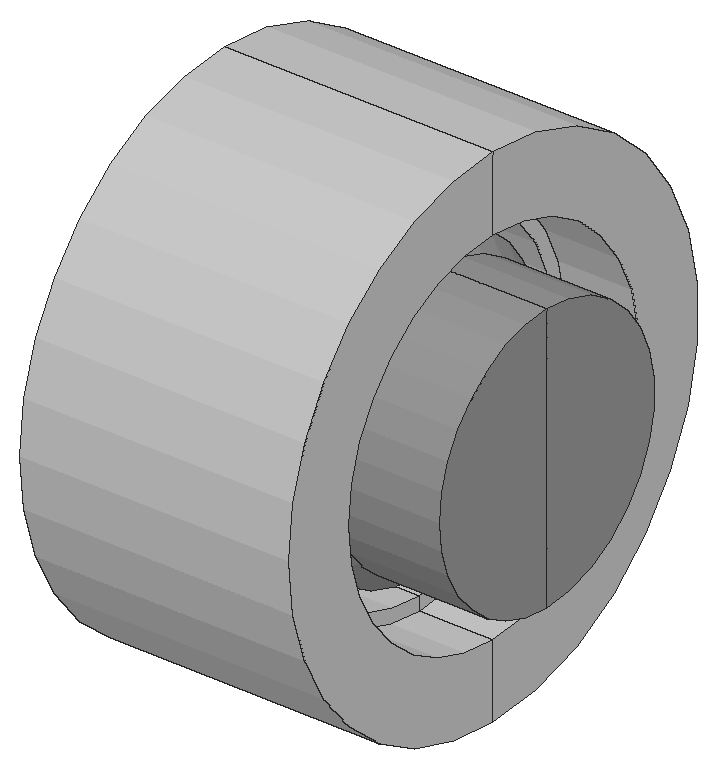
Revit family "6198_Kunststoffrohranschlüsse G 1 für PE-X, PB- & Alu-Verbundrohre", category Rohrformteile, Revit 2021
Family settings
  Bemaßung runder Anschluss = Durchmesser verwenden
  Teiletyp = Verbindung
  OmniClass-Nummer = 23.65.55.14
  OmniClass-Titel = Valves for Liquid Services
  Arbeitsebenenbasiert = Nein
  Immer vertikal = Ja
  Beim Laden mit Abzugskörper schneiden = Nein
  Gemeinsam genutzt = Nein
Parameters (values of type "26x3.0")
  Vorgabe-Ansicht = 0.000 mm
  URL = "www.herz-armaturen.at"
  Tülle = "CW617N"  # constant formula
  TL04 [instance] = if([16x2.0], 18.100 mm, if([20x2.0], 18.100 mm, if([25x3.5], 18.100 mm, if([26x3.0], 18.100 mm, 0.000 mm))))  # 18.100 mm
  TL03 [instance] = if([16x2.0], 1.000 mm, if([20x2.0], 1.000 mm, if([25x3.5], 0.800 mm, if([26x3.0], 0.800 mm, 0.000 mm))))  # 0.800 mm
  TL02 [instance] = if([16x2.0], 8.000 mm, if([20x2.0], 8.000 mm, if([25x3.5], 7.000 mm, if([26x3.0], 7.000 mm, 0.000 mm))))  # 7.000 mm
  TL01 [instance] = if([16x2.0], 5.400 mm, if([20x2.0], 5.400 mm, if([25x3.5], 5.400 mm, if([26x3.0], 5.400 mm, 0.000 mm))))  # 5.400 mm
  TL00 [instance] = if([16x2.0], 24.000 mm, if([20x2.0], 24.000 mm, if([25x3.5], 24.000 mm, if([26x3.0], 24.000 mm, 0.000 mm))))  # 24.000 mm
  TD04 [instance] = if([16x2.0], 5.950 mm, if([20x2.0], 7.950 mm, if([25x3.5], 8.950 mm, if([26x3.0], 9.950 mm, 0.000 mm))))  # 9.950 mm
  TD02 [instance] = if([16x2.0], 8.150 mm, if([20x2.0], 10.150 mm, if([25x3.5], 11.150 mm, if([26x3.0], 11.150 mm, 0.000 mm))))  # 11.150 mm
  TD01 [instance] = if([16x2.0], 12.800 mm, if([20x2.0], 12.800 mm, if([25x3.5], 12.800 mm, if([26x3.0], 12.800 mm, 0.000 mm))))  # 12.800 mm
  TD00 = 12.000 mm  # constant formula
  SCRNSEQ = "AWI;AWI_TYP=\"1001\";2"
  SCRNCODE = "07;01;02"  # constant formula
  S02 = 5.000 mm  # constant formula
  S01 = 5.000 mm  # constant formula
  O-Ring = "EPDM"  # constant formula
  Nennweite_Press [instance] = if([16x2.0], 16.000 mm, if([20x2.0], 20.000 mm, if([25x3.5], 25.000 mm, if([26x3.0], 26.000 mm, 0.000 mm))))  # 26.000 mm
  Nennweite = 25.000 mm  # constant formula
  Mutter = "CW617N, G 1"  # constant formula
  Medium = "Heizungswasser nach ÖNORM H5195 oder VDI- Richtlinie 2035.\r\nDie Verwendung von Ethylen- oder Propyleneglykol in einem Mischungsverhältnis 25-50% ist zulässig."
  Max. Betriebstemperatur = 95 °C  # constant formula
  Max. Betriebsdruck = 1000000.0 Pa  # constant formula
  ML02 [instance] = if([16x2.0], 13.300 mm, if([20x2.0], 13.300 mm, if([25x3.5], 13.300 mm, if([26x3.0], 14.500 mm, 0.000 mm))))  # 14.500 mm
  ML01 [instance] = TL02 + KL01  # 14.500 mm
  ML00 [instance] = if([16x2.0], 20.000 mm, if([20x2.0], 20.000 mm, if([25x3.5], 20.000 mm, if([26x3.0], 20.000 mm, 0.000 mm))))  # 20.000 mm
  MD02 [instance] = if([16x2.0], 8.500 mm, if([20x2.0], 10.500 mm, if([25x3.5], 13.300 mm, if([26x3.0], 13.500 mm, 0.000 mm))))  # 13.500 mm
  MD01 = 12.500 mm  # constant formula
  MD00 [instance] = if([16x2.0], 19.000 mm, if([20x2.0], 19.000 mm, if([25x3.5], 19.000 mm, if([26x3.0], 19.000 mm, 0.000 mm))))  # 19.000 mm
  Klemmring = "CW617N"  # constant formula
  KL02 [instance] = (KL00 - KL01) / 2  # 2.250 mm
  KL01 [instance] = if([16x2.0], 6.500 mm, if([20x2.0], 6.500 mm, if([25x3.5], 6.000 mm, if([26x3.0], 7.500 mm, 0.000 mm))))  # 7.500 mm
  KL00 [instance] = if([16x2.0], 10.000 mm, if([20x2.0], 10.000 mm, if([25x3.5], 10.500 mm, if([26x3.0], 12.000 mm, 0.000 mm))))  # 12.000 mm
  KH00 [instance] = if([16x2.0], 2.075 mm, if([20x2.0], 1.575 mm, if([25x3.5], 2.325 mm, if([26x3.0], 1.825 mm, 0.000 mm))))  # 1.825 mm
  Hinweiß zum Werkstoff = "Gemäß Art 33 der REACH-Verordnung (EG Nr. 1907/2006) sind wir verpflichtet, darauf hinzuweisen, dass der Stoff Blei auf der SVHC-Liste geführt wird und dass alle aus Messing bestehenden Bauteile, die in unseren Erzeugnissen verarbeitet sind, mehr als 0,1 % (w/w) Blei (CAS: 7439-92-1 / EINECS: 231-100-4) enthalten.\r\nDa Blei als Legierungsbestandteil fest gebunden ist, sind keine Expositionen zu erwarten und daher sind keine zusätzlichen Angaben zur sicheren Verwendung notwendig."
  Hersteller = "HERZ Armaturen Ges.m.b.H."  # constant formula
  Bestellnummer = if([16x2.0], 1619811, if([20x2.0], 1619812, if([25x3.5], 1619800, if([26x3.0], 1619801, 0))))  # 1619801
  Ausführung = "6198 G 1 - 16, 20, 25 und 26mm:\r\nKunststoffrohranschluss mit Doppel-O-Ring, bestehend aus Schlauchtülle mit Konus, Schlauchklemmring und Überwurfmutter G 1 mit Konus."
  Anwendungsgebiet = "Die Kunststoffrohranschlüsse sind geeignet für Heizungsinstallationen der Anwendungsklassen 1,2, 4 und 5, gemäß ISO 10508, für Rohre aus PE-X (EN ISO 15875) und PE-RT (EN ISO 22391), sowie für Kunststoff-Metall-Verbundrohre (EN ISO 21003).\r\nDie Vorgaben der Rohrhersteller bezüglich Druck und Temperatur sind zu beachten.\r\nDer Kunststoffrohranschluss stellt eine absolut sichere Verbindung zwischen Rohr und Ventilgehäuse dar.\r\nDiese Verbindung kann bei Bedarf jederzeit gelöst werden.\r\nEine einwandfreie Dichtheit ist auf Dauer nur dann gegeben, wenn die Montage ordnungsgemäß nach HERZ-Montageanleitung durchgeführt wurde."
  26x3.0 = yes
  25x3.5 = no
  20x2.0 = no
  16x2.0 = no
Types (5, lengths in mm): name | TL03 | TL02 | TD04 | TD02 | Nennweite_Press | ML02 | ML01 | MD02 | KL02 | KL01 | KL00 | KH00 | Bestellnummer | 26x3.0 | 25x3.5 | 20x2.0 | 16x2.0
  (no name) | 0.800 | 7.000 | 9.950 | 11.150 | 26.000 | 14.500 | 14.500 | 13.500 | 2.250 | 7.500 | 12.000 | 1.825 | 1619801 | yes | no | no | no
  16x2.0 | 1.000 | 8.000 | 5.950 | 8.150 | 16.000 | 13.300 | 14.500 | 8.500 | 1.750 | 6.500 | 10.000 | 2.075 | 1619811 | no | no | no | yes
  20x2.0 | 1.000 | 8.000 | 7.950 | 10.150 | 20.000 | 13.300 | 14.500 | 10.500 | 1.750 | 6.500 | 10.000 | 1.575 | 1619812 | no | no | yes | no
  25x3.5 | 0.800 | 7.000 | 8.950 | 11.150 | 25.000 | 13.300 | 13.000 | 13.300 | 2.250 | 6.000 | 10.500 | 2.325 | 1619800 | no | yes | no | no
  26x3.0 | 0.800 | 7.000 | 9.950 | 11.150 | 26.000 | 14.500 | 14.500 | 13.500 | 2.250 | 7.500 | 12.000 | 1.825 | 1619801 | yes | no | no | no
Reference planes
  plane 1 "Mitte (Vorne/hinten)": y = 0
  plane 2: z = 0
  plane 3 "Mitte (Links/rechts)": x = 0
Forms (mm)
  Revolve 1, solid, material "Messing, weicher Gelbton, geschweißt", detail levels fine
    sketch origin (-63.82, 0, 0) x (1, 0, 0) y (0, 0, 1)
      loop
        line (63.82, 0) -> (87.82, 0) -> (87.82, 9.95) -> (69.72, 9.95) -> (69.72, 11.15) -> (70.82, 11.15) -> (70.82, 12.8) -> (70.02, 12.8) -> (69.22, 12) -> (63.82, 12) -> (63.82, 0)
      axis (63.82, 0) -> (87.82, 0)
    angle from 0 to 360
  Revolve 2, solid, material "Messing, vernickelt", detail levels fine
    sketch origin (-64.32, 0, 0) x (1, 0, 0) y (0, 0, 1)
      loop
        line (64.32, 12.5) -> (78.82, 12.5) -> (78.82, 13.5) -> (84.32, 13.5) -> (84.32, 19) -> (64.32, 19) -> (64.32, 12.5)
      axis (64.32, 0) -> (84.32, 0)
    angle from 0 to 360
  Revolve 3, solid, material "Messing, weicher Gelbton, geschweißt", detail levels fine
    sketch origin (0, 0, 0) x (1, 0, 0) y (0, 0, 1)
      loop
        line (4.75, 9.325) -> (16.75, 9.325) -> (14.5, 11.15) -> (7, 11.15) -> (4.75, 9.325)
      axis (4.75, 0) -> (16.75, 0)
    angle from 0 to 360
Lines and regions (mm)
  model lines, detail levels coarse+medium
    curve 1: line (0, 0, 0) -> (24, 0, 0)
    curve 2: line (5, 0, 19) -> (5, 0, -19)
    curve 3: line (5, 0, -19) -> (10, 0, -19)
    curve 4: line (10, 0, -19) -> (5, 0, 0)
    curve 5: line (5, 0, 19) -> (10, 0, 19)
    curve 6: line (10, 0, 19) -> (5, 0, 0)
    curve 7: line (5, 19, 0) -> (5, -19, 0)
    curve 8: line (5, -19, 0) -> (10, -19, 0)
    curve 9: line (10, -19, 0) -> (5, 0, 0)
    curve 10: line (5, 19, 0) -> (10, 19, 0)
    curve 11: line (10, 19, 0) -> (5, 0, 0)
Dimensions and locks
  "TL01": Revolve 1 sketch curve to plane 3 "Mitte (Links/rechts)"
  "TL02": Revolve 1 sketch curve to plane 3 "Mitte (Links/rechts)"
  "TL00": Revolve 1 sketch curve to Revolve 1 sketch curve
  "TL03": Revolve 1 sketch curve to Revolve 1 sketch curve
  "TL04": Revolve 1 sketch curve to Revolve 1 sketch curve
  "TL02": Revolve 3 sketch curve to plane 3 "Mitte (Links/rechts)"
  "KL00": Revolve 3 sketch curve to Revolve 3 sketch curve
  "KH00": Revolve 3 sketch curve to Revolve 3 sketch curve
  "TD02": Revolve 3 sketch curve to plane 2
  "TD04": Revolve 1 sketch curve to plane 2
  "TD01": Revolve 1 sketch curve to plane 2
  "TD00": Revolve 1 sketch curve to plane 2
  "KL01": Revolve 3 sketch curve to Revolve 3 sketch curve
  "KL02": Revolve 3 sketch curve to Revolve 1
  "ML01": Revolve 2 sketch curve to plane 3 "Mitte (Links/rechts)"
  "ML00": Revolve 2 sketch curve to Revolve 2 sketch curve
  "ML02": Revolve 2 sketch curve to Revolve 2 sketch curve
  "MD00": Revolve 2 sketch curve to plane 2
  "MD01": Revolve 2 sketch curve to plane 2
  "MD02": Revolve 2 sketch curve to plane 2
  "TD02": Revolve 1 sketch curve to plane 2
  "TL00": curve 1 to curve 1
  "S01": curve 2 to plane 3 "Mitte (Links/rechts)"
  "S02": curve 2 to curve 6
  "MD00": curve 5 to plane 2 to curve 3
  "S01": plane 3 "Mitte (Links/rechts)" to curve 7
  "S02": curve 7 to curve 11
  "MD00": curve 8 to plane 1 "Mitte (Vorne/hinten)" to curve 10
  aligned and locked: level to plane 2
Automatic sketch dimensions
  curve 1 to level = 0.000 mm
  curve 1 to plane 3 "Mitte (Links/rechts)" = 0.000 mm
  curve 4 to level = 0.000 mm
  curve 2 to curve 4 = 5.000 mm
  curve 6 to curve 4 = 0.000 mm
  plane 1 "Mitte (Vorne/hinten)" to curve 9 = 0.000 mm
  plane 1 "Mitte (Vorne/hinten)" to curve 11 = 0.000 mm
  curve 7 to curve 8 = 5.000 mm
  Revolve 1 sketch curve to level = 0.000 mm  (x2)
  Revolve 1 sketch curve to plane 3 "Mitte (Links/rechts)" = 0.000 mm
  Revolve 1 sketch curve to plane 3 "Mitte (Links/rechts)" = 1570.350 mm
  Revolve 1 sketch curve to Revolve 1 sketch curve = 1757.728 mm
  Revolve 2 sketch curve to level = 0.000 mm
  Revolve 2 sketch curve to plane 3 "Mitte (Links/rechts)" = 1567.550 mm
  Revolve 2 sketch curve to Revolve 2 sketch curve = 1757.488 mm
  Revolve 3 sketch curve to level = 0.000 mm
  Revolve 3 sketch curve to plane 3 "Mitte (Links/rechts)" = 1506.530 mm
  Revolve 3 sketch curve to Revolve 3 sketch curve = 1825.548 mm
Connectors
  piping at (14.5, 0, 0), diameter 25, driven by "Nennweite"
    settings: on Revolve 2, index 1, connector inside diameter 609.6 mm, connector length 0.000 mm, flow factor 0, pipe flow 0.0 L/s, pressure drop 0.0 Pa, fitting loss kfactor 0, connector angle 0.00°, fixture units 0, engagement length 0.000 mm, angle of deflection 0.00°, flow configuration 0, flow direction 0, fitting loss method 0, system type 29, joint type 0, gender type 0, connector reference index -1, connector utility 0, adjustable connector no, is connector primary yes, connector description ""
  piping at (7, 0, 0), diameter 26, driven by "Nennweite_Press"
    settings: on Revolve 1, index 2, connector inside diameter 609.6 mm, connector length 0.000 mm, flow factor 0, pipe flow 0.0 L/s, pressure drop 0.0 Pa, fitting loss kfactor 0, connector angle 0.00°, fixture units 0, engagement length 0.000 mm, angle of deflection 0.00°, flow configuration 0, flow direction 0, fitting loss method 0, system type 29, joint type 0, gender type 0, connector reference index -1, connector utility 0, adjustable connector no, is connector primary no, connector description ""
